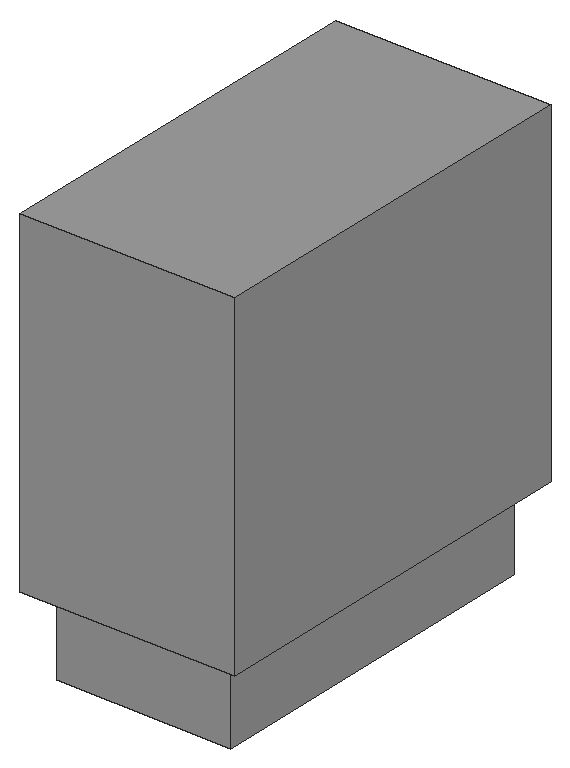
Revit family "238100 - Decentralized Unitary HVAC Equipment - Generic", category Mechanical Equipment, Revit 2017
Family settings
  Round Connector Dimension = Use Diameter
  Part Type = Normal
  OmniClass Number = 23.75.00.00
  OmniClass Title = Climate Control (HVAC)
  Work Plane-Based = No
  Always vertical = Yes
  Cut with Voids When Loaded = No
  Shared = No
  Room Calculation Point = No
Parameters
  Unit Height = 4' - 2 5/64"
  Dim along Left/Right = 4' - 10 1/2"
  Dim along Front/Back = 2' - 7 195/256"
  Curb Offset = 0' - 3"
  Curb Height = 1' - 0"
  Clearance - Right = 2' - 6"
  Clearance - Left = 2' - 6"
  Clearance - Front = 3' - 0"
  Clearance - Back = 2' - 0"
Reference planes (in)
  plane 1 "Center (Front/Back)": y = 0
  plane 2: z = 0
  plane 3 "Center (Left/Right)": x = 0
  plane 4: y = 29.25
  plane 5: y = -29.25
  plane 6: x = -15.88086
  plane 7: x = 15.88086
  plane 8: y = 53.25
  plane 9: x = 45.88086
  plane 10: y = -65.25
  plane 11: x = -45.88086
  plane 12: z = 62.07813
  plane 13: z = 12
  plane 14: x = -12.88086
  plane 15: x = 12.88086
  plane 16: y = -26.25
  plane 17: y = 26.25
Forms (in)
  Extrusion 1, solid, material "MECH. EQUIP - SEE MECHANICAL"
    sketch origin (-4681.75391, 1131.05233, -13.48453) x (0.725374, -0.688355, 0) y (0.688355, 0.725374, 0)
      loop
        line (4165.97455, 2434.41922) -> (4142.93541, 2412.55589) -> (4183.20415, 2370.12149) -> (4206.24329, 2391.98482) -> (4165.97455, 2434.41922)
    from 25.48453 to 75.56266
  Extrusion 2, solid, material "MECH. EQUIP - SEE MECHANICAL"
    sketch origin (-4681.75391, 1126.05233, -13.48453) x (0.725374, -0.688355, 0) y (0.688355, 0.725374, 0)
      loop
        line (4162.42171, 2433.8049) -> (4143.73482, 2416.07171) -> (4179.87344, 2377.98955) -> (4198.56033, 2395.72275) -> (4162.42171, 2433.8049)
    from 13.48453 to 25.48453
Lines and regions (in)
  symbolic lines, style "MechanicalEquipmentHiddenLines"
    curve 1: line (-45.88086, 53.25, 0) -> (45.88086, 53.25, 0)
    curve 2: line (-45.88086, -65.25, 0) -> (-45.88086, 53.25, 0)
    curve 3: line (45.88086, -65.25, 0) -> (-45.88086, -65.25, 0)
    curve 4: line (45.88086, 53.25, 0) -> (45.88086, -65.25, 0)
Dimensions and locks (in)
  "Dim along Front/Back": plane 6 to plane 7
  "Dim along Left/Right": plane 4 to plane 5
  Extrusion 1 to Extrusion 1 = 4' - 2 5/64"
  equal spacing: plane 6, plane 3 "Center (Left/Right)", plane 7
  equal spacing: plane 4, plane 1 "Center (Front/Back)", plane 5
  "Curb Height": plane 13 to level
  "Unit Height": plane 12 to plane 13
  "Curb Offset": plane 17 to plane 4
  "Curb Offset": plane 15 to plane 7
  "Curb Offset": plane 6 to plane 14
  "Curb Offset": plane 5 to plane 16
  "Clearance - Front": plane 5 to plane 10
  "Clearance - Right": plane 7 to plane 9
  "Clearance - Back": plane 8 to plane 4
  "Clearance - Left": plane 11 to plane 6
  aligned and locked: level to plane 2
  aligned and locked: Extrusion 1 sketch curve to plane 4
  aligned and locked: Extrusion 1 sketch curve to plane 7
  aligned and locked: plane 5 to Extrusion 1 sketch curve
  aligned and locked: plane 6 to Extrusion 1 sketch curve
  aligned and locked: Extrusion 1 to plane 13
  aligned and locked: plane 12 to Extrusion 1
  aligned and locked: plane 14 to Extrusion 2 sketch curve
  aligned and locked: plane 17 to Extrusion 2 sketch curve
  aligned and locked: Extrusion 2 sketch curve to plane 15
  aligned and locked: Extrusion 2 sketch curve to plane 16
  aligned and locked: Extrusion 2 to level
  aligned and locked: plane 13 to Extrusion 2
  aligned and locked: curve 4 to plane 9
  aligned and locked: curve 1 to plane 8
  aligned and locked: plane 11 to curve 2
  aligned and locked: curve 3 to plane 10
